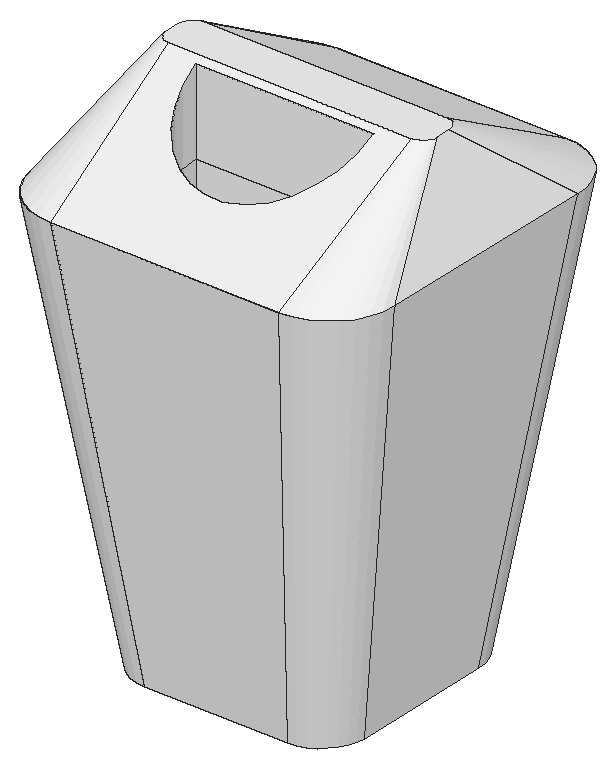
Revit family
Parameters (values of type "500 x 500 mm")
  Bin Material = Plastic
Reference planes
  plane 1 "Center (Front/Back)": y = 0
  plane 2: z = 0
  plane 3 "Center (Left/Right)": x = 0
  plane 4: y = 250
  plane 5: y = -250
  plane 6: x = 250
  plane 7: x = -250
  plane 8: z = 725
Forms (mm)
  Blend 1, solid, material "Plastic" <- "Bin Material"
    base sketch origin (0, 0, 0) x (1, 0, 0) y (0, 1, 0)
      loop
        arc (-100, 160) -> (-142.426, 142.426) -> (-160, 100) r 60
        line (-160, 100) -> (-160, -100)
        arc (-160, -100) -> (-142.426, -142.426) -> (-100, -160) r 60
        line (-100, -160) -> (100, -160)
        arc (100, -160) -> (142.426, -142.426) -> (160, -100) r 60
        line (160, -100) -> (160, 100)
        arc (160, 100) -> (142.426, 142.426) -> (100, 160) r 60
        line (100, 160) -> (-100, 160)
    top sketch origin (0, 0, 0) x (1, 0, 0) y (0, 1, 0)
      loop
        arc (-160, 250) -> (-223.64, 223.64) -> (-250, 160) r 90
        line (-250, 160) -> (-250, -160)
        arc (-250, -160) -> (-223.64, -223.64) -> (-160, -250) r 90
        line (-160, -250) -> (160, -250)
        arc (160, -250) -> (223.64, -223.64) -> (250, -160) r 90
        line (250, -160) -> (250, 160)
        arc (250, 160) -> (223.64, 223.64) -> (160, 250) r 90
        line (160, 250) -> (-160, 250)
    from 0 to 600
  Blend 2, solid, material "Plastic" <- "Bin Material"
    base sketch origin (0, 0, 0) x (1, 0, 0) y (0, 1, 0)
      loop
        line (160, 250) -> (-160, 250)
        arc (-160, 250) -> (-223.64, 223.64) -> (-250, 160) r 90
        line (-250, 160) -> (-250, -160)
        arc (-250, -160) -> (-223.64, -223.64) -> (-160, -250) r 90
        line (-160, -250) -> (160, -250)
        arc (160, -250) -> (223.64, -223.64) -> (250, -160) r 90
        line (250, -160) -> (250, 160)
        arc (250, 160) -> (223.64, 223.64) -> (160, 250) r 90
    top sketch origin (0, 0, 0) x (1, 0, 0) y (0, 1, 0)
      loop
        line (170, 30) -> (-170, 30)
        arc (-170, 30) -> (-184.142, 24.142) -> (-190, 10) r 20
        line (-190, 10) -> (-190, -10)
        arc (-190, -10) -> (-184.142, -24.142) -> (-170, -30) r 20
        line (-170, -30) -> (170, -30)
        arc (170, -30) -> (184.142, -24.142) -> (190, -10) r 20
        line (190, -10) -> (190, 10)
        arc (190, 10) -> (184.142, 24.142) -> (170, 30) r 20
    from 600 to 725
  Extrusion 3, void
    sketch origin (0, 0, 0) x (0, 1, 0) y (1, 0, 0)
      loop
        arc (-40, 125) -> (-165, 0) -> (-40, -125) r 125
        line (-40, -125) -> (-40, 125)
    from -100 to -725
Cuts and joins
  Extrusion 3 cuts Blend 1
  Extrusion 3 cuts Blend 2
Lines and regions (mm)
  symbolic lines
    curve 1: line (-160, 250, 0) -> (160, 250, 0)
    curve 2: arc (-250, 160, 0) -> (-223.64, 223.64, 0) -> (-160, 250, 0) r 90
    curve 3: line (-250, 160, 0) -> (-250, -160, 0)
    curve 4: arc (-160, -250, 0) -> (-223.64, -223.64, 0) -> (-250, -160, 0) r 90
    curve 5: line (-160, -250, 0) -> (160, -250, 0)
    curve 6: arc (250, -160, 0) -> (223.64, -223.64, 0) -> (160, -250, 0) r 90
    curve 7: line (250, 160, 0) -> (250, -160, 0)
    curve 8: arc (160, 250, 0) -> (223.64, 223.64, 0) -> (250, 160, 0) r 90
    curve 9: line (170, 30, 0) -> (-170, 30, 0)
    curve 10: line (-170, -30, 0) -> (170, -30, 0)
    curve 11: line (125, -40, 0) -> (-125, -40, 0)
    curve 12: arc (125, -40, 0) -> (0, -165, 0) -> (-125, -40, 0) r 125
    curve 13: arc (-170, 30, 0) -> (-184.142, 24.142, 0) -> (-190, 10, 0) r 20
    curve 14: arc (-190, -10, 0) -> (-184.142, -24.142, 0) -> (-170, -30, 0) r 20
    curve 15: line (-190, 10, 0) -> (-190, -10, 0)
    curve 16: arc (190, 10, 0) -> (184.142, 24.142, 0) -> (170, 30, 0) r 20
    curve 17: line (190, -10, 0) -> (190, 10, 0)
    curve 18: arc (170, -30, 0) -> (184.142, -24.142, 0) -> (190, -10, 0) r 20
Dimensions and locks
  plane 7 to plane 6 = 500 mm
  plane 5 to plane 4 = 500 mm
  plane 8 to level = 725 mm
  aligned and locked: Blend 2 sketch curve to Blend 1  (x8)
  aligned and locked: plane 4 to cut or joined group of Blend 1, Extrusion 3
  aligned and locked: cut or joined group of Blend 1, Extrusion 3 to plane 5
  aligned and locked: cut or joined group of Blend 1, Extrusion 3 to plane 6
  aligned and locked: plane 7 to cut or joined group of Blend 1, Extrusion 3
